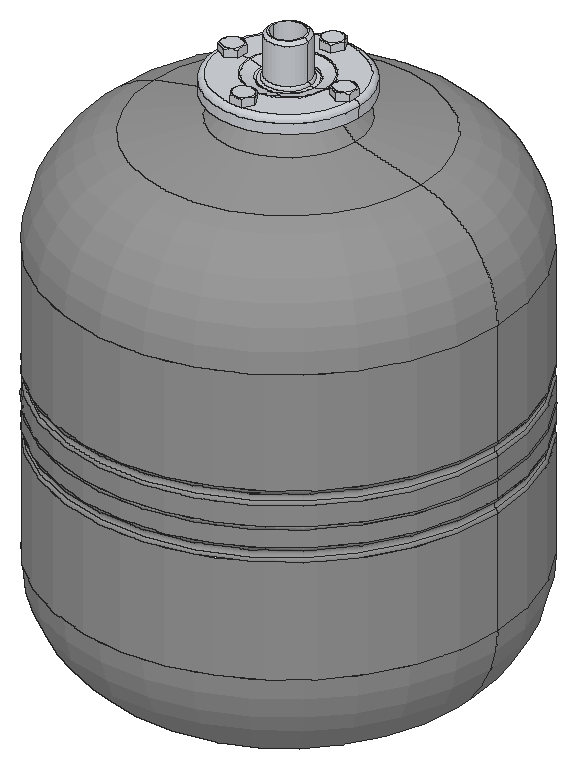
Revit family "WAV 18", category Оборудование, Revit 2014
Parameters
  Описание = "Мембранный бак для водоснабжения V=18л, Py=10бар, 3/4\""
  Материал крышки = Черная резина
  Материал = Синяя краска
  Масса кг = "2.8"
  Крышка [instance] = yes
  Комментарии к типоразмеру = "WAV 18"
  Изготовитель = "WESTER"  # constant formula
  URL = "http://www.wester.su/"
Reference planes
  plane 1 "По центру (Вперед/Назад)": y = 0
  plane 2: z = 0
  plane 3 "По центру (Влево/Вправо)": x = 0
  plane 4: z = 161.5
Forms (mm)
  Revolve 1, solid, material "Синяя краска" <- "Материал"
    sketch origin (-161.5, 0, 141.055) x (0, 0, -1) y (1, 0, 0)
      loop
        line (54.946, 301.504) -> (-15.622, 301.504)
        arc (-15.622, 301.504) -> (-16.886, 301.194) -> (-17.864, 300.336) r 2.737
        arc (-17.864, 300.336) -> (-19.971, 299.111) -> (-22.101, 300.295) r 2.465
        arc (-22.101, 300.295) -> (-23.087, 301.183) -> (-24.374, 301.504) r 2.741
        line (-24.374, 301.504) -> (-35.283, 301.504)
        arc (-35.283, 301.504) -> (-36.136, 301.772) -> (-36.989, 301.504) r 1.491
        line (-36.989, 301.504) -> (-49.604, 301.504)
        arc (-49.604, 301.504) -> (-50.891, 301.183) -> (-51.877, 300.295) r 2.741
        arc (-51.877, 300.295) -> (-54.007, 299.111) -> (-56.114, 300.336) r 2.465
        arc (-56.114, 300.336) -> (-57.092, 301.194) -> (-58.356, 301.504) r 2.737
        line (-58.356, 301.504) -> (-128.001, 301.504)
        arc (-128.001, 301.504) -> (-170.022, 287.497) -> (-195.237, 251.081) r 70.04
        arc (-195.237, 251.081) -> (-200.87, 228.789) -> (-204.868, 206.147) r 316.121
        line (-204.868, 206.147) -> (-220.443, 190.572) -> (-220.443, 161.5) -> (124.057, 161.5) -> (124.057, 168.355)
        arc (124.057, 168.355) -> (124.128, 168.929) -> (124.385, 169.448) r 1.727
        line (124.385, 169.448) -> (133.11, 181.457)
        arc (133.11, 181.457) -> (133.947, 183.297) -> (133.994, 185.319) r 5.05
        arc (133.994, 185.319) -> (129.842, 218.58) -> (122.141, 251.204) r 311.646
        arc (122.141, 251.204) -> (96.914, 287.536) -> (54.946, 301.504) r 70.032
      axis (-220.443, 161.5) -> (133.994, 161.5)
    angle from 0 to 360
  Revolve 2, solid
    sketch origin (0, 0, 92.939) x (1, 0, 0) y (0, 0, 1)
      loop
        line (0, 268.559) -> (47.492, 268.559) -> (47.492, 274.974)
        arc (47.492, 274.974) -> (46.496, 277.464) -> (44.023, 278.5) r 3.47
        line (44.023, 278.5) -> (26.157, 278.5)
        arc (26.157, 278.5) -> (25.726, 278.448) -> (25.304, 278.35) r 3.918
        line (25.304, 278.35) -> (17.835, 276.159)
        arc (17.835, 276.159) -> (17.456, 276.04) -> (17.06, 276) r 1.968
        line (17.06, 276) -> (14.531, 276)
        arc (14.531, 276) -> (14.187, 277.207) -> (13.224, 278.012) r 2.132
        line (13.224, 278.012) -> (13.224, 302.006) -> (11.23, 304) -> (10.273, 304) -> (10.273, 278.5) -> (0, 278.5) -> (0, 268.559)
      axis (0, 304) -> (0, 268.559)
    angle from 0 to 360
  Revolve 3, solid
    sketch origin (0, 0, 0) x (1, 0, 0) y (0, 0, 1)
      loop
        line (3.985, 0.986) -> (3.985, 12.498) -> (6.063, 12.498) -> (6.063, 16.998) -> (0, 16.998) -> (0, 3.844) -> (1.586, 3.844) -> (2.15, 3.281) -> (2.15, -0.002) -> (2.997, -0.002) -> (3.985, 0.986)
      axis (0, 16.998) -> (0, -0.002)
    angle from 0 to 360
  Revolve 4, solid, material "Черная резина" <- "Материал крышки", visible <- "Крышка"
    sketch origin (0, 0, 0) x (1, 0, 0) y (0, 0, 1)
      loop
        line (0, -1.542) -> (0, 16.998) -> (-6.855, 16.998) -> (-23.238, 5.527) -> (-16.17, -1.542) -> (0, -1.542)
      axis (0, 16.998) -> (0, -1.542)
    angle from 0 to 360
Dimensions and locks
  aligned and locked: level to plane 2
Nested families
  nested 1: "Болт" at (-0.008, -37.5, 371.498) x (-0.5, -0.866, 0) z (0, 0, 1), type "Болт"
  nested 2: "Болт" at (37.5, 0.027, 371.498) x (0, -1, 0) z (0, 0, 1), type "Болт"
  nested 3: "Болт" at (-37.5, 0.008, 371.498) x (0, -1, 0) z (0, 0, 1), type "Болт"
  nested 4: "Болт" at (0.008, 37.5, 371.498) x (-0.5, -0.866, 0) z (0, 0, 1), type "Болт"
Connectors
  piping at (0, 0, 396.939), diameter 20
    settings: on Revolve 2, index 1, connector inside diameter 609.6 mm, connector length 0 mm, flow factor 0, pipe flow 0.0 L/s, pressure drop 0.0 Pa, fitting loss kfactor 0, connector angle 0.00°, fixture units 0, engagement length 0 mm, angle of deflection 0.00°, flow configuration 1, flow direction 0, fitting loss method 0, system type 29, joint type 0, gender type 0, connector reference index -1, connector utility 0, adjustable connector no, is connector primary yes, connector description ""
Definition of nested family "Болт"
  Parameters (values of type "Болт")
    Default Elevation = 1219.2 mm
  Reference planes
    plane 1 "По центру (Вперед/Назад)": y = 0
    plane 2: z = 0
    plane 3 "По центру (Влево/Вправо)": x = 0
  Forms (mm)
    Extrusion 1, solid
      sketch origin (0, 0, 0) x (1, 0, 0) y (0, 1, 0)
        loop
          line (-1219.2, 1219.2) -> (-1219.2, -1219.2) -> (1219.2, -1219.2) -> (1219.2, 1219.2) -> (-1219.2, 1219.2)
      from 0 to -304.8
    Extrusion 2, solid, detail levels medium+fine
      sketch origin (0, 0, 0) x (0, 1, 0) y (-1, 0, 0)
        loop
          line (-6.5, -3.753) -> (0, -7.506) -> (6.5, -3.753) -> (6.5, 3.753) -> (0, 7.506) -> (-6.5, 3.753) -> (-6.5, -3.753)
      from 0 to 5.3
    Extrusion 3, solid, detail levels medium+fine
      sketch origin (0, 0, 0) x (1, 0, 0) y (0, 1, 0)
        loop
          circle (0, 0) r 4
      from -14 to 0
    Revolve 4, void
      sketch origin (0, 0, 0) x (1, 0, 0) y (0, 0, 1)
        loop
          line (-7.506, 4.447) -> (-6.413, 5.3) -> (-7.506, 5.3) -> (-7.506, 4.447)
        axis (0, 5.3) -> (0, 4.3)
      angle from 0 to 360
    Revolve 5, void
      sketch origin (0, 0, 0) x (1, 0, 0) y (0, 0, 1)
        loop
          line (-4, -14) -> (-2.365, -14) -> (-4, -12.365) -> (-4, -14)
        axis (0, -12.365) -> (0, -14)
      angle from 0 to 360
  Cuts and joins
    Revolve 4 cuts Extrusion 2
    Revolve 5 cuts Extrusion 3
    joined: Extrusion 2, Extrusion 3
  Dimensions and locks
    aligned and locked: plane 2 to Extrusion 1
    aligned and locked: level to Extrusion 1
    aligned and locked: Revolve 4 sketch curve to plane 3 "По центру (Влево/Вправо)"
    aligned and locked: cut or joined group of Extrusion 2, Extrusion 3, Revolve 4, Revolve 5 to Revolve 4 sketch curve
